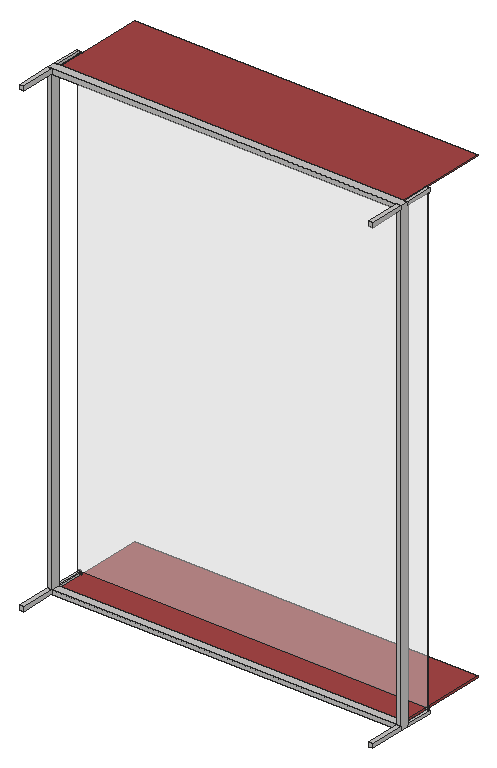
Revit family
Parameters (values of type "CW_horizontal")
  grosorcw = 0.3 cm
  depth = 60 cm
  MATERIALCW = CWPONIENTEGLASSTIPO1
  MATERIALALEROS = MATERIALALEROS
  LARGOALERO = 80 cm
  FRAMECW = PERFILEXTERIOR
  ANCHO = 300 cm
  ALTO = 400 cm
Reference planes (cm)
  plane 1 "Center (Front/Back)": y = 0
  plane 2: z = 0
  plane 3 "Center (Left/Right)": x = 0
  plane 4 "Left": x = -150
  plane 5 "Right": x = 150
  plane 6 "Top": z = 400
  plane 7: z = 200
Forms (cm)
  Extrusion 1, solid, material "CWPONIENTEGLASSTIPO1" <- "MATERIALCW"
    sketch origin (0, 15.3, 0) x (1, 0, 0) y (0, 0, 1)
      loop
        line (149, 3.5) -> (149, 396.5) -> (-149, 396.5) -> (-149, 3.5) -> (149, 3.5)
    from -45 to -44.7
  Extrusion 2, solid, material "PERFILEXTERIOR" <- "FRAMECW"
    sketch origin (0, 5, 0) x (1, 0, 0) y (0, 0, 1)
      loop
        line (150, 400) -> (146.5, 400) -> (146.5, 396.5) -> (150, 396.5) -> (150, 400)
      loop
        line (-146.5, 400) -> (-150, 400) -> (-150, 396.5) -> (-146.5, 396.5) -> (-146.5, 400)
      loop
        line (-146.5, 3.5) -> (-150, 3.5) -> (-150, 0) -> (-146.5, 0) -> (-146.5, 3.5)
      loop
        line (150, 3.5) -> (146.5, 3.5) -> (146.5, 0) -> (150, 0) -> (150, 3.5)
    from -25 to 5
  Extrusion 3, solid, material "PERFILEXTERIOR" <- "FRAMECW"
    sketch origin (0, -9.0048, 0) x (1, 0, 0) y (0, 0, 1)
      loop
        line (150, 400) -> (-150, 400) -> (-150, 0) -> (150, 0) -> (150, 400)
      loop
        line (-146.5, 3.5) -> (146.5, 3.5) -> (146.5, 396.5) -> (-146.5, 396.5) -> (-146.5, 3.5)
    from -46.0048 to -39.0048
  Extrusion 4, solid, material "PERFILEXTERIOR" <- "FRAMECW"
    sketch origin (0, -3.0912, 0) x (1, 0, 0) y (0, 0, 1)
      loop
        line (150, 400) -> (147.5, 400) -> (147.5, 398)
        arc (147.5, 398) -> (147.6464, 397.6464) -> (148, 397.5) r 0.5
        line (148, 397.5) -> (150, 397.5) -> (150, 400)
      loop
        line (-150, 400) -> (-150, 397.5) -> (-148, 397.5)
        arc (-148, 397.5) -> (-147.6464, 397.6464) -> (-147.5, 398) r 0.5
        line (-147.5, 398) -> (-147.5, 400) -> (-150, 400)
      loop
        line (150, 0) -> (150, 2.5) -> (148, 2.5)
        arc (148, 2.5) -> (147.6464, 2.3536) -> (147.5, 2) r 0.5
        line (147.5, 2) -> (147.5, 0) -> (150, 0)
      loop
        line (-150, 0) -> (-147.5, 0) -> (-147.5, 2)
        arc (-147.5, 2) -> (-147.6464, 2.3536) -> (-148, 2.5) r 0.5
        line (-148, 2.5) -> (-150, 2.5) -> (-150, 0)
    from -63.0912 to -40.0912
  Extrusion 5, solid, material "PERFILEXTERIOR" <- "FRAMECW"
    sketch origin (0, 0, 0) x (1, 0, 0) y (0, 0, 1)
      loop
        arc (149, 4.5) -> (146.5251, 3.4749) -> (145.5, 1) r 3.5
        line (145.5, 1) -> (149, 1) -> (149, 4.5)
      loop
        line (-149.0106, 4.5) -> (-149.0106, 1) -> (-145.5106, 1)
        arc (-145.5106, 1) -> (-146.5357, 3.4749) -> (-149.0106, 4.5) r 3.5
      loop
        line (149, 395.5) -> (149, 399) -> (145.5, 399)
        arc (145.5, 399) -> (146.5251, 396.5251) -> (149, 395.5) r 3.5
      loop
        arc (-149, 395.5) -> (-146.5251, 396.5251) -> (-145.5, 399) r 3.5
        line (-145.5, 399) -> (-149, 399) -> (-149, 395.5)
    from -60.8617 to -60.3
  Extrusion 6, solid, material "MATERIALALEROS" <- "MATERIALALEROS"
    sketch origin (-150, -9.0048, 305.2196) x (0, 0, 1) y (0, -1, 0)
      loop
        line (93.7804, -46.0048) -> (92.7804, -46.0048) -> (92.7804, -126.0048) -> (93.7804, -126.0048) -> (93.7804, -46.0048)
    from 4.4894 to 295.5
  Extrusion 7, solid, material "MATERIALALEROS" <- "MATERIALALEROS"
    sketch origin (-150, -9.0048, -91.7804) x (0, 0, 1) y (0, -1, 0)
      loop
        line (93.7804, -46.0048) -> (92.7804, -46.0048) -> (92.7804, -126.0048) -> (93.7804, -126.0048) -> (93.7804, -46.0048)
    from 4.4894 to 295.5
Text (cm)
  text "Exterior" at (-235.1972, 141.6179, 0), in view "Ref. Level"
  text "Exterior" at (0, 229.0741, 440.6713), in view "Left"
  text "Exterior" at (0, 132.8187, 412.0349), in view "Right"
Dimensions and locks (cm)
  "depth": plane 1 "Center (Front/Back)" to Extrusion 1
  "grosorcw": Extrusion 1 to Extrusion 1
  locked: Extrusion 2 to plane 1 "Center (Front/Back)"
  plane 1 "Center (Front/Back)" to Extrusion 3 to Extrusion 3 = 30 cm locked, 7 cm locked
  locked: Extrusion 2 to Extrusion 2 at 30
  locked: Extrusion 3 to Extrusion 4
  Extrusion 1 to Extrusion 1 = 0.3 cm  (x3)
  locked: Extrusion 5 to Extrusion 1
  locked: Extrusion 5 to Extrusion 1 at 0.5617
  "LARGOALERO": Extrusion 6 to Extrusion 6
  locked: Extrusion 6 to Extrusion 3 at 0
  plane 3 "Center (Left/Right)" to Extrusion 6 = 145.5106 cm
  locked: Extrusion 5 to Extrusion 3 at 1
  locked: Extrusion 4 to Extrusion 5 at 1
  locked: Extrusion 3 to Extrusion 5 at 1  (x2)
  Extrusion 5 to Extrusion 6 = 3.5 cm
  locked: Extrusion 3 to Extrusion 3 at 3.5  (x4)
  locked: Extrusion 3 to Extrusion 2 sketch curve at 3.5  (x3)
  locked: Extrusion 2 sketch curve to Extrusion 2 sketch curve at 3.5  (x2)
  locked: Extrusion 2 sketch curve to Extrusion 3 at 3.5
  Extrusion 2 sketch curve to Extrusion 2 sketch curve = 3.5 cm  (x2)
  equal spacing: plane 6 "Top", plane 7, level
  equal spacing: plane 4 "Left", plane 3 "Center (Left/Right)", plane 5 "Right"
  Extrusion 6 to Extrusion 6 = 291.0106 cm  (x3)
  plane 4 "Left" to plane 5 "Right" = 300 cm
  plane 2 to plane 6 "Top" = 400 cm
  equal spacing: plane 2, plane 7, plane 6 "Top"
  plane 4 "Left" to Extrusion 6 = 4.4894 cm
  locked: plane 4 "Left" to Extrusion 5 at 1
  locked: Extrusion 5 to plane 6 "Top" at 1
  "LARGOALERO": Extrusion 7 to Extrusion 7
  locked: Extrusion 5 sketch curve to Extrusion 5 sketch curve at 3.5  (x2)
  locked: plane 4 "Left" to Extrusion 5 at 0.9894
  locked: plane 2 to Extrusion 5 at 1
  Extrusion 3 to Extrusion 7 to Extrusion 7 = 1 cm locked, 1 cm locked
  locked: Extrusion 4 to Extrusion 7 at 4.5
  locked: plane 4 "Left" to Extrusion 7 at 4.4894
  Extrusion 6 to Extrusion 6 to Extrusion 3 = 1 cm locked, 1 cm locked
  locked: plane 5 "Right" to Extrusion 6 at 4.5
  locked: plane 4 "Left" to Extrusion 6 at 4.4894
  locked: Extrusion 5 sketch curve to Extrusion 1
  locked: Extrusion 5 sketch curve to Extrusion 7 at 0
  locked: Extrusion 1 sketch curve to plane 5 "Right" at 1
  aligned and locked: Extrusion 4 to Extrusion 1
  aligned and locked: Extrusion 5 to Extrusion 1
Automatic sketch dimensions
  Extrusion 1 sketch curve to plane 4 "Left" = 1 cm
  level to Extrusion 1 sketch curve = 3.5 cm
  plane 6 "Top" to Extrusion 1 sketch curve = 3.5 cm
  plane 4 "Left" to Extrusion 2 sketch curve = 0 cm  (x2)
  Extrusion 2 sketch curve to level = 0 cm  (x2)
  Extrusion 2 sketch curve to plane 6 "Top" = 0 cm  (x2)
  plane 5 "Right" to Extrusion 2 sketch curve = 0 cm  (x2)
  plane 4 "Left" to Extrusion 3 sketch curve = 0 cm
  plane 5 "Right" to Extrusion 3 sketch curve = 0 cm
  Extrusion 3 sketch curve to level = 0 cm
  Extrusion 3 sketch curve to plane 6 "Top" = 0 cm
  Extrusion 3 sketch curve to plane 4 "Left" = 3.5 cm
  plane 5 "Right" to Extrusion 3 sketch curve = 3.5 cm
  level to Extrusion 3 sketch curve = 3.5 cm
  plane 6 "Top" to Extrusion 3 sketch curve = 3.5 cm
  plane 4 "Left" to Extrusion 4 sketch curve = 0 cm  (x2)
  Extrusion 4 sketch curve to plane 6 "Top" = 0 cm  (x2)
  Extrusion 4 sketch curve to level = 0 cm  (x2)
  plane 5 "Right" to Extrusion 4 sketch curve = 0 cm  (x2)
  Extrusion 4 sketch curve to plane 4 "Left" = 2 cm  (x2)
  Extrusion 4 sketch curve to Extrusion 4 sketch curve = 0.5 cm  (x4)
  Extrusion 4 sketch curve to Extrusion 4 sketch curve = 2.5 cm  (x2)
  Extrusion 4 sketch curve to Extrusion 4 sketch curve = 2 cm
  level to Extrusion 4 sketch curve = 2 cm
  plane 6 "Top" to Extrusion 4 sketch curve = 2.5 cm  (x2)
  Extrusion 5 sketch curve to plane 4 "Left" = 0.9894 cm
  Extrusion 5 sketch curve to plane 4 "Left" = 1 cm
  level to Extrusion 5 sketch curve = 1 cm
  plane 6 "Top" to Extrusion 5 sketch curve = 1 cm  (x2)
  Extrusion 5 sketch curve to Extrusion 5 sketch curve = 3.5 cm
  plane 5 "Right" to Extrusion 5 sketch curve = 4.5 cm  (x2)
  plane 5 "Right" to Extrusion 5 sketch curve = 1 cm
  plane 6 "Top" to Extrusion 6 sketch curve = 2 cm
  plane 6 "Top" to Extrusion 6 sketch curve = 1 cm
  Extrusion 6 sketch curve to plane 1 "Center (Front/Back)" = 117 cm
  Extrusion 6 sketch curve to plane 1 "Center (Front/Back)" = 37 cm
  level to Extrusion 7 sketch curve = 1 cm
  Extrusion 7 sketch curve to Extrusion 7 sketch curve = 1 cm
  Extrusion 7 sketch curve to plane 1 "Center (Front/Back)" = 117 cm
  Extrusion 7 sketch curve to plane 1 "Center (Front/Back)" = 37 cm
